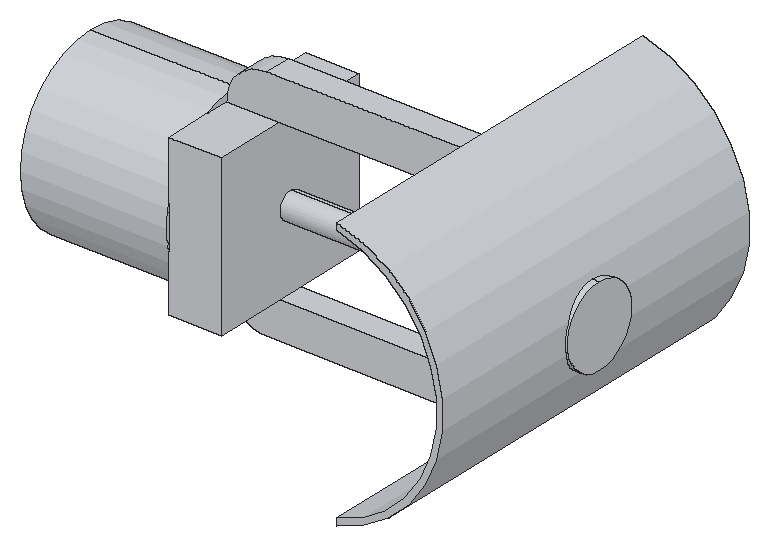
Revit family
Parameters (values of type "RASCO DH56")
  Temperature Rating = 155 °F
  Response = (empty or 0)
  RASCO SIN # = "RA1564"
  RASCO Part # = "DH561W"
  Pressure Rating = "250 PSI"
  Pressure Class = (empty or 0)
  Orifice Size = 1/2"
  Orifice = (empty or 0)
  Model = "DH56"
  Manufacturer = "RASCO"
  K-Factor = 5.6
  Diameter = 3/4"
  Description = "WHITE FINISH"
  Coverage = (empty or 0)
Reference planes (in)
  plane 1 "Center (Front/Back)": y = 0
  plane 2: z = 0
  plane 3 "Center (Left/Right)": x = 0
Nested families (in)
  nested 1: "RASCO- DH56" at (-1.19729, -7.05097, 1.17818) x (0, 0, -1) z (1, 0, 0), type "RASCO DH56"
Connectors (in)
  piping at (-1.19729, -7.05097, 1.17818)
    settings: on nested 1, index 1, connector radius 107/256", flow factor 0, pipe flow 0 GPM, pressure drop 0.00 psi, fitting loss kfactor 0, connector angle 0.00°, fixture units 0, flow configuration 0, flow direction 0, fitting loss method 0, system type 7, connector reference index -1, connector utility 0, adjustable connector no, is connector primary yes, fitting loss table "", connector description ""
Definition of nested family "RASCO- DH56"
  Parameters (values of type "RASCO DH56")
    Type Comments = ""
    Temperature Rating = 0 °F
    Response = (empty or 0)
    Pressure Rating = "0"
    Pressure Class = (empty or 0)
    Orifice Size = 0"
    Orifice = (empty or 0)
    Model = ""
    Manufacturer = ""
    K-Factor = 0
    Description = ""
    Coverage = (empty or 0)
    Assembly Code = ""
  Reference planes (in)
    plane 1 "Center (Front/Back)": y = 0
    plane 2: z = 0
    plane 3 "ref.2": z = 0.6875
    plane 4 "ref.3": z = 0.9375
    plane 5: x = -0.38065
    plane 6: x = 0.36935
    plane 7 "ref. side 1": y = 0.06402
    plane 8 "ref. side 2": y = -0.06098
    plane 9 "ref.4": z = 1.875
    plane 10 "ref.5": z = 2.3125
    plane 11 "ref.6": z = 2.378
  Forms (in)
    Extrusion 1, solid
      sketch origin (0, 0, 0) x (1, 0, 0) y (0, 1, 0)
        loop
          circle (0, 0) r 0.4175
      from 0 to 0.6875
    Extrusion 2, solid
      sketch origin (-0.12185, 0.05177, 0.6875) x (1, 0, 0) y (0, 1, 0)
        loop
          line (-0.2588, 0.356) -> (-0.2588, -0.4565) -> (0.4912, -0.4565) -> (0.4912, 0.356) -> (-0.2588, 0.356)
      from 0 to 0.25
    Extrusion 3, solid
      sketch origin (0, 0, 0) x (1, 0, 0) y (0, 0, 1)
        loop
          line (-0.38065, 0.68752) -> (-0.38065, 1.76416)
          arc (-0.38065, 1.76416) -> (-0.29541, 1.96995) -> (-0.08962, 2.05519) r 0.29103
          line (-0.08962, 2.05519) -> (0.07524, 2.05519)
          arc (0.07524, 2.05519) -> (0.28321, 1.96905) -> (0.36935, 1.76109) r 0.29411
          line (0.36935, 1.76109) -> (0.36935, 0.6882)
          arc (0.36935, 0.6882) -> (0.49296, 0.74898) -> (0.54293, 0.87734) r 0.18984
          line (0.54293, 0.87734) -> (0.54293, 1.86676)
          arc (0.54293, 1.86676) -> (0.41238, 2.18194) -> (0.09719, 2.3125) r 0.44574
          line (0.09719, 2.3125) -> (-0.12912, 2.3125)
          arc (-0.12912, 2.3125) -> (-0.44418, 2.182) -> (-0.57469, 1.86694) r 0.44556
          line (-0.57469, 1.86694) -> (-0.57469, 0.87876)
          arc (-0.57469, 0.87876) -> (-0.51768, 0.74254) -> (-0.38065, 0.68752) r 0.19126
      from -0.06402 to 0.06098
    Extrusion 4, solid
      sketch origin (0, 0, 0.9375) x (-1, 0, 0) y (0, -1, 0)
        loop
          circle (0.00574, -0.00152) r 0.0625
      from 0 to 1.07045
    Extrusion 5, solid
      sketch origin (0, 0, 1.875) x (-1, 0, 0) y (0, -1, 0)
        loop
          circle (0.00574, -0.00152) r 0.1875
      from 0.13295 to 0.51958
    Extrusion 6, solid
      sketch origin (0, 0, 0) x (1, 0, 0) y (0, 0, 1)
        loop
          arc (-0.62702, 1.88209) -> (-0.01911, 2.35421) -> (0.5888, 1.88209) r 0.62744
          line (0.5888, 1.88209) -> (0.61971, 1.88209)
          arc (0.61971, 1.88209) -> (-0.01911, 2.38421) -> (-0.65794, 1.88209) r 0.65744
          line (-0.65794, 1.88209) -> (-0.62702, 1.88209)
      from -0.89604 to 0.90264
  Cuts and joins
    joined: Extrusion 1, Extrusion 2, Extrusion 4
  Lines and regions (in)
    model lines
      curve 1: line (-0.00574, 0.06402, 1.875) -> (-0.00574, -0.06098, 1.875)
  Dimensions and locks (in)
    Extrusion 3 to Extrusion 3 = 0' - 1.11762"
    Extrusion 5 to cut or joined group of Extrusion 1, Extrusion 2, Extrusion 4 = 0' - 2.39458"
